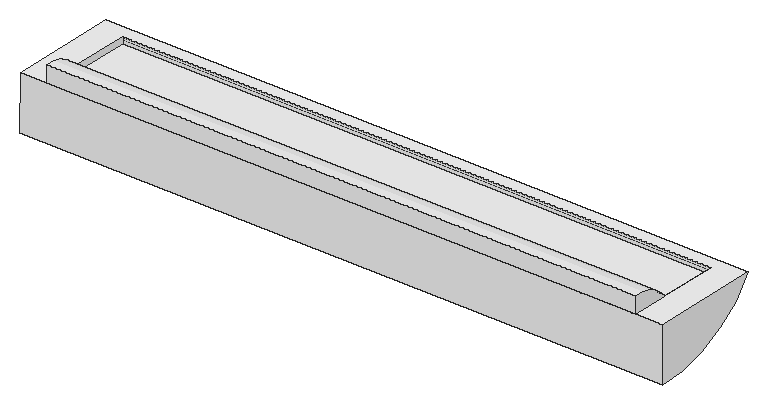
Revit family "54L", category Lighting Fixtures, host Wall, Revit 2021
Family settings
  Host = Wall
  Round Connector Dimension = Use Diameter
  Part Type = Normal
  OmniClass Number = 23.80.70.11.14.17
  OmniClass Title = Direct/Indirect
  Always vertical = Yes
  Cut with Voids When Loaded = No
  Light Source = Yes
  Shared = No
  Room Calculation Point = No
Parameters (values of type "54L-W-02")
  Watts = 4 W
  Wattage = 4 W
  built-in parameter 1150110 = 1 (stored number, unit not read)
  Voltage [instance] = 120 V
  URL = "https://www.currentlighting.com/litecontrol"
  built-in parameter 1114217 = 1 (stored number, unit not read)
  Tilt Angle = -90.00°
  built-in parameter 1150109 = 1 (stored number, unit not read)
  built-in parameter 1150134 = (empty or 0)
  built-in parameter 1150113 = 1 (stored number, unit not read)
  Reflector Finish = White Glass
  Product Page URL = ""
  Product Material = Paint - Matte White
  Product Documentation Link = ""
  Power Factor = 1
  Photometric Web File = "generic"
  built-in parameter 1150142 = (empty or 0)
  Mounting = "Wall-Mounted"
  Model = "54L W"  # constant formula
  Manufacturer = "Litecontrol"  # constant formula
  built-in parameter 1150105 = 24.414 (stored number, unit not read)
  Lumens = 306.8 lm
  built-in parameter 1150115 = 1 (stored number, unit not read)
  Load Classification = Lighting
  built-in parameter 1150137 = (empty or 0)
  built-in parameter 1150139 = (empty or 0)
  Length = 24"
  built-in parameter 1150112 = 1 (stored number, unit not read)
  built-in parameter 1150114 = 1 (stored number, unit not read)
  Lamp = "LED"
  built-in parameter 1150132 = (empty or 0)
  built-in parameter 1150102 = (empty or 0)
  built-in parameter 1150107 = 3000 (stored number, unit not read)
  built-in parameter 1150138 = (empty or 0)
  built-in parameter 1150106 = 0.24414 (stored number, unit not read)
  Fixture distribution = "Asymmetric Indirect"
  Emit from Rectangle Width = 2"  # constant formula
  Emit from Rectangle Length = Length - 2"  # 22"
  Emit Shape Visible in Rendering = no
  built-in parameter 1150104 = 7.1257 (stored number, unit not read)
  Dimming Lamp Color Temperature Shift = <None>
  Description = "Arcos Wall LED"  # constant formula
  Default Elevation = 0"
  Color Filter = 16777215
  built-in parameter 1114218 = 1 (stored number, unit not read)
  built-in parameter 1150133 = 10 (stored number, unit not read)
  Assembly Code = "D5020210"
  Apparent Load = Watts / Power Factor  # 4 VA
Types (5): name | built-in parameter 1150134 | Length | built-in parameter 1150107 | Emit from Rectangle Length
  54L-W-02 | (empty or 0) | 24" | 3000 (stored number, unit not read) | 22"
  54L-W-03 | 3 | 36" | 3200 (stored number, unit not read) | 34"
  54L-W-04 | 3 | 48" | 3200 (stored number, unit not read) | 46"
  54L-W-06 | 3 | 72" | 3200 (stored number, unit not read) | 70"
  54L-W-08 | 3 | 96" | 3200 (stored number, unit not read) | 94"
Reference planes (in)
  plane 1: y = 0
  plane 2 "Light Source Axis (L/R)": x = 4.92126
  plane 3 "Light Source Axis (F/R)": y = 5.45276
  plane 4 "Light Source Elevation": z = 71.68457
  plane 5 "Top Elevation": z = 72.43457
  plane 6: x = 16.92126
  plane 7: x = -7.07874
  plane 8: z = 69.80957
  plane 9: y = 6.95276
  plane 10: y = 2.95276
  plane 11: z = 71.80957
  plane 12: x = 15.92126
  plane 13: x = -6.07874
  plane 14: z = 71.5752
  plane 15: y = 4.25276
  plane 16: y = 6.50276
  plane 17: z = 71.70957
Forms (in)
  Extrusion 1, solid, material "Paint - Matte White" <- "Product Material"
    sketch origin (4.92126, 0, 0) x (0, 1, 0) y (0, 0, 1)
      loop
        line (2.95276, 71.80957) -> (2.95276, 69.80957)
        arc (2.95276, 69.80957) -> (5.21352, 70.28804) -> (6.95276, 71.80957) r 4.57901
        line (6.95276, 71.80957) -> (2.95276, 71.80957)
    from -12 to 12
  Extrusion 2, solid, material "Paint - Matte White" <- "Product Material"
    sketch origin (4.92126, 0, 0) x (0, 1, 0) y (0, 0, 1)
      loop
        line (2.95276, 71.80957) -> (4.31827, 71.80957)
        arc (4.31827, 71.80957) -> (3.71006, 72.28496) -> (2.95276, 72.43457) r 1.66329
        line (2.95276, 72.43457) -> (2.95276, 71.80957)
    from -11 to 11
  Extrusion 3, void
    sketch origin (4.92126, 0, 0) x (0, 1, 0) y (0, 0, 1)
      loop
        line (4.25276, 71.5752) -> (6.50276, 71.5752) -> (6.50276, 71.80957) -> (4.25276, 71.80957) -> (4.25276, 71.5752)
    from -11 to 11
  Extrusion 4, solid, material "White Glass" <- "Reflector Finish"
    sketch origin (4.92126, 0, 0) x (0, 1, 0) y (0, 0, 1)
      loop
        line (4.25276, 71.80957) -> (4.25276, 71.70957) -> (6.50276, 71.70957) -> (6.50276, 71.80957) -> (4.25276, 71.80957)
    from -11 to 11
Cuts and joins
  Extrusion 3 cuts Extrusion 1
  Extrusion 3 cuts Extrusion 2
Text (in)
  text "Placement side" at (-70.3598, 43.96769, 0), in view "Ref. Level"
  text "Placement side" at (0, 83.08644, 117.56134), in view "Left"
  text "Placement side" at (0, 24.74324, 118.58137), in view "Right"
Dimensions and locks (in)
  equal spacing: plane 7, plane 2 "Light Source Axis (L/R)", plane 6
  "Length": plane 7 to plane 6
  locked: plane 8 to plane 5 "Top Elevation" at 2.625
  plane 10 to plane 9 = 4"
  locked: plane 4 "Light Source Elevation" to plane 5 "Top Elevation" at 0.75
  locked: plane 11 to plane 8 at 2
  locked: plane 12 to plane 6 at 1
  locked: plane 7 to plane 13 at 1
  Extrusion 2 to plane 4 "Light Source Elevation" = 1/8"
  locked: plane 16 to plane 9 at 0.45
  plane 15 to plane 16 = 2 1/4"
  locked: plane 11 to plane 17 at 0.1
  locked: plane 11 to plane 14 at 0.23437
  locked: plane 3 "Light Source Axis (F/R)" to plane 9 at 1.5
  radius of Extrusion 2 sketch curve = 1.66329"
  aligned and locked: plane 1 to host wall
  aligned and locked: plane 10 to host wall
  aligned and locked: Extrusion 1 sketch curve to plane 11
  aligned and locked: Extrusion 1 sketch curve to plane 10
  aligned and locked: Extrusion 1 to plane 6
  aligned and locked: plane 7 to Extrusion 1
  aligned and locked: plane 10 to Extrusion 2 sketch curve
  aligned and locked: Extrusion 2 sketch curve to plane 11
  aligned and locked: Extrusion 2 to plane 12
  aligned and locked: plane 14 to Extrusion 3 sketch curve
  aligned and locked: plane 15 to Extrusion 3 sketch curve
  aligned and locked: plane 16 to Extrusion 3 sketch curve
  aligned and locked: plane 11 to Extrusion 3
  aligned and locked: Extrusion 3 to plane 12
  aligned and locked: Extrusion 3 to plane 13
  aligned and locked: Extrusion 4 sketch curve to cut or joined group of Extrusion 1, Extrusion 3  (x3)
  aligned and locked: plane 17 to Extrusion 4 sketch curve
  aligned and locked: Extrusion 4 to plane 12
  aligned and locked: Extrusion 4 to plane 13
  aligned and locked: cut or joined group of Extrusion 2, Extrusion 3 to plane 13
  aligned and locked: plane 4 "Light Source Elevation" to imposter light
  aligned and locked: imposter light to plane 3 "Light Source Axis (F/R)"
Automatic sketch dimensions
  Extrusion 1 sketch curve to plane 9 = 0"
  Extrusion 1 sketch curve to plane 8 = 0"
  host wall to Extrusion 1 sketch curve = 0.21298"
  Extrusion 2 sketch curve to plane 5 "Top Elevation" = 0"
  host wall to Extrusion 2 sketch curve = 0.06508"
  plane 11 to Extrusion 3 sketch curve = 0"
Connectors (in)
  electrical at (4.92126, 2.95276, 70.80957), driven by "Load Classification", driven by "Voltage", driven by "Apparent Load", driven by "Power Factor"
    settings: on cut or joined group of Extrusion 1, Extrusion 3, index 1, voltage 120 V, apparent load 4 VA, apparent load phase1 0 VA, apparent load phase2 0 VA, apparent load phase3 0 VA, power factor 1, load classification "Lighting", number of poles 1, system type 30, power factor state 1, is connector primary yes, connector utility no, sub classification motor no, connector description "Electrical Connector"
